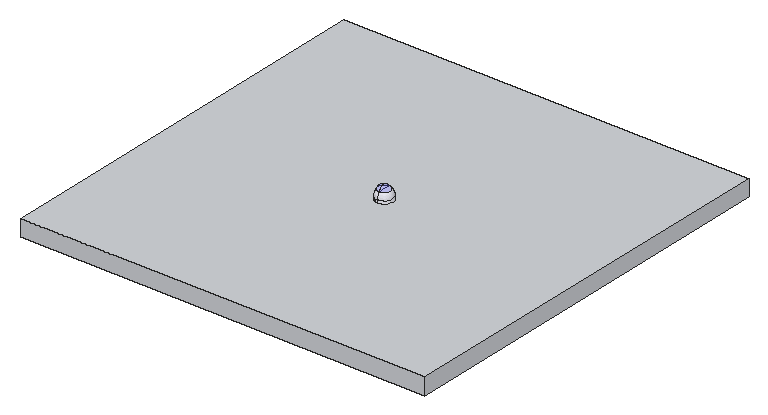
Revit family "BEG-92147", category Dispositifs d'éclairage, Revit 2015
Parameters
  Detection zone [instance] = yes
  Seat area [instance] = height position < 351 cm  # yes
  URL = "http://www.luxomat.com/fr-92147"
  Type of output = "DIM (50 ballasts max)"
  Ambiant temperature = "-25°C to +50°C"
  Ref = "92147"
  Relay = "10A"
  height position [instance] = 250 cm
  direct Range [instance] = height position * 3.2  # 800 cm
  transversal Range [instance] = height position * 9.6  # 2400 cm
  Modèle = "PD4-M-DIM-SM"
  Installation type = "Ceiling"
  Brand = "LUXOMAT"
  Image du type = 92147.jpg
  IP = "54"
  Mounting height max = Installation height max  # 350 cm
  Installation height max = 350 cm
  Fabricant = "B.E.G"
  Label [instance] = yes
  Default Elevation = 0 cm
  Consumption = "0,59W"
  Commentaires du type = "Occupancy detector PD4-M-DIM-SM"
  Code d'assemblage = "D5010200"
  Class = "2"
  Switching power LED = "300W"
  Switching power Cos ɸ =1 = "2300W"
  Switching power Cos ɸ =0.5 = "1150VA"
  Power voltage = "110-240 V AC"
  seated activity [instance] = height position * 2.56  # 640 cm
Reference planes (cm)
  plane 1 "Centre (avant/arrière)": y = 0
  plane 2: z = 0
  plane 3 "Centre (gauche/droite)": x = 0
Forms (cm)
  Extrusion 1, solid
    sketch origin (0, 0, 0) x (1, 0, 0) y (0, 1, 0)
      loop
        line (-121.92, 121.92) -> (-121.92, -121.92) -> (121.92, -121.92) -> (121.92, 121.92) -> (-121.92, 121.92)
    from 0 to -10
Dimensions and locks (cm)
  aligned and locked: plane 2 to Extrusion 1
  aligned and locked: level to Extrusion 1
  aligned and locked: nested 2 to plane 2
Nested families (cm)
  nested 1: "Famille1" at (0, -72.6659, 0) x (-1, 0, 0) z (0, 0, 1), reference <- "Ref", modele <- "Modèle", visible <- "Label", type "Famille1"
    with reference "92147", modele "PD4-M-DIM-SM"
  nested 2: "M14" at (0, 0, 0), type "Standard"
  nested 3: "zone H" at (0, 0, 0) x (-1, 0, 0) z (0, 0, 1), visible <- "Detection zone", biais <- "transversal Range", frontal <- "direct Range", activité assise <- "seated activity", Zone assise <- "Seat area", type "zone H"
    with position 2 320 cm, position 1 960 cm, frontal 800 cm, biais 2400 cm, activité assise 640 cm, Zone assise yes
  nested 4: "Plafond 360° 2D" at (0, 0, 0), type "Plafond 360° 2D"
Connectors (cm)
  electrical at (0, 0, 0)
    settings: on nested 2, index 1, voltage 240 V, apparent load 0 VA, apparent load phase1 0 VA, apparent load phase2 0 VA, apparent load phase3 0 VA, power factor 1, load classification "Eclairage", number of poles 1, system type 31, power factor state 1, is connector primary yes, connector utility no, sub classification motor no, connector description ""
Definition of nested family "M14"
  Reference planes (cm)
    plane 1 "Centre (avant/arrière)": y = 0
    plane 2: z = 0
    plane 3 "Centre (gauche/droite)": x = 0
    plane 4: x = 0
  Forms (cm)
    Revolve 1, solid
      sketch origin (0, 0, 0) x (0, -1, 0) y (0, 0, 1)
        loop
          line (0, 0) -> (0, 5) -> (-3.8, 5)
          arc (-3.8, 5) -> (-4.577, 3.2225) -> (-4.8363, 1.3) r 7
          line (-4.8363, 1.3) -> (-4.9363, 1.3) -> (-5.05, 0) -> (0, 0)
        axis (0, 0) -> (0, 5)
      angle from 0 to 360
    Revolve 2, solid
      sketch origin (0, 0, 0) x (0, -1, 0) y (0, 0, 1)
        loop
          arc (0, 7.6) -> (-2.2816, 6.8864) -> (-3.75, 5) r 4.0043
          line (-3.75, 5) -> (0, 5) -> (0, 7.6)
        axis (0, 5) -> (0, 7.6)
      angle from 0 to 360
  Lines and regions (cm)
    reference lines
      curve 1: line (0, 0, 0) -> (0, 0, 7.6)
      curve 2: line (0, 0, 5) -> (0, 3.8, 5)
      curve 3: arc (0, 3.8, 5) -> (0, 4.577, 3.2225) -> (0, 4.8363, 1.3) r 7
      curve 4: line (0, 4.9363, 1.3) -> (0, 4.8363, 1.3)
      curve 5: line (0, 5.05, 0) -> (0, 4.9363, 1.3)
      curve 6: line (0, 0, 0) -> (0, 5.05, 0)
      curve 7: arc (0, 0, 7.6) -> (0, 2.2816, 6.8864) -> (0, 3.75, 5) r 4.0043
      curve 8: line (0, 3.75, 5) -> (0, 0, 5)
      curve 9: line (0, 0, 7.6) -> (0, 0, 5)
      curve 10: line (0, 0, 0) -> (0, 0, 7.6)
  Dimensions and locks (cm)
    aligned and locked: level to plane 2
    aligned and locked: Revolve 1 sketch curve to curve 1  (x2)
    aligned and locked: Revolve 1 sketch curve to curve 2
    aligned and locked: Revolve 1 sketch curve to curve 3
    aligned and locked: Revolve 1 sketch curve to curve 4
    aligned and locked: Revolve 1 sketch curve to curve 5
    aligned and locked: Revolve 1 sketch curve to curve 6
    aligned and locked: Revolve 2 sketch curve to curve 7
    aligned and locked: Revolve 2 sketch curve to curve 8
    aligned and locked: Revolve 2 sketch curve to curve 9
    aligned and locked: Revolve 2 sketch curve to curve 10
Definition of nested family "Famille1"
  Parameters (values of type "Famille1")
    reference [instance] = ""
    modele [instance] = ""
  Reference planes (cm)
    plane 1: y = 0
    plane 2: x = 0
  Text (cm)
    label "reference\n\nmodele" at (0.0074, 0.0451, 0), shows "reference", "modele"
Definition of nested family "zone H"
  Parameters (values of type "zone H")
    position 2 [instance] = (frontal / 2) * 0.8  # 320 cm
    position 1 [instance] = (biais / 2) * 0.8  # 960 cm
    frontal [instance] = 800 cm
    biais [instance] = 2400 cm
    activité assise [instance] = 640 cm
    Zone assise [instance] = yes
  Reference planes (cm)
    plane 1 "Centre (avant/arrière)": y = 0
    plane 2: z = 0
    plane 3 "Centre (gauche/droite)": x = 0
    plane 4: x = -960
    plane 5: y = -320
  Lines and regions (cm)
    detail lines, in view "Niveau de réf.", visible <- "Zone assise"
      curve 1: circle (0, 0, 0) r 320 normal (0, 0, 1)
      curve 4: spline (-105.2767, 3.2118, 0) -> (-104.9106, 3.0586, 0) -> (-103.8375, 2.9158, 0) -> (-102.1303, 2.7932, 0) -> (-99.9055, 2.6991, 0) -> (-97.3146, 2.6399, 0) -> (-94.5343, 2.6198, 0) -> (-91.7539, 2.6399, 0) -> (-89.163, 2.6991, 0) -> (-86.9382, 2.7932, 0) -> (-85.231, 2.9158, 0) -> (-84.1579, 3.0586, 0) -> (-83.7918, 3.2118, 0) -> (-84.1579, 3.365, 0) -> (-85.231, 3.5078, 0) -> (-86.9382, 3.6305, 0) -> (-89.163, 3.7245, 0) -> (-91.7539, 3.7837, 0) -> (-94.5343, 3.8039, 0) -> (-97.3146, 3.7837, 0) -> (-99.9055, 3.7245, 0) -> (-102.1303, 3.6305, 0) -> (-103.8375, 3.5078, 0) -> (-104.9106, 3.365, 0) -> (-105.2767, 3.2118, 0)
      curve 5: line (-105.2767, 3.2118, 0) -> (-103.7271, 3.5181, 0)
      curve 6: arc (-102.6495, -16.5888, 0) -> (-107.2915, -17.186, 0) -> (-111.6311, -18.9388, 0) r 18.3388
      curve 7: arc (-111.6311, -18.9388, 0) -> (-111.6982, -19.0046, 0) -> (-111.7229, -19.0953, 0) r 0.1799
      curve 8: arc (-102.4571, -17.1805, 0) -> (-106.7473, -17.5804, 0) -> (-110.8538, -18.8852, 0) r 20.1051
      curve 9: arc (-110.8538, -18.8852, 0) -> (-111.0396, -18.979, 0) -> (-111.2122, -19.0953, 0) r 1.6679
      curve 10: circle (-111.4676, -19.8292, 0) r 0.5096 normal (0, 0, 1)
      curve 11: arc (-110.898, -19.8292, 0) -> (-111.4676, -19.2597, 0) -> (-112.0372, -19.8292, 0) r 0.5696
      curve 12: arc (-110.838, -19.8292, 0) -> (-111.4676, -19.1997, 0) -> (-112.0972, -19.8292, 0) r 0.6296
      curve 13: arc (-86.4191, -16.5888, 0) -> (-81.7771, -17.186, 0) -> (-77.4374, -18.9388, 0) r 18.3388
      curve 14: arc (-77.4374, -18.9388, 0) -> (-77.3704, -19.0046, 0) -> (-77.3456, -19.0953, 0) r 0.1799
      curve 15: arc (-86.6114, -17.1805, 0) -> (-82.3212, -17.5804, 0) -> (-78.2147, -18.8852, 0) r 20.1051
      curve 16: arc (-78.2147, -18.8852, 0) -> (-78.0289, -18.979, 0) -> (-77.8563, -19.0953, 0) r 1.6679
      curve 17: circle (-77.6009, -19.8292, 0) r 0.5096 normal (0, 0, 1)
      curve 18: arc (-77.0314, -19.8292, 0) -> (-77.6009, -19.2597, 0) -> (-78.1705, -19.8292, 0) r 0.5696
      curve 19: arc (-76.9714, -19.8292, 0) -> (-77.6009, -19.1997, 0) -> (-78.2305, -19.8292, 0) r 0.6296
      curve 20: arc (-95.2593, -16.5888, 0) -> (-98.9871, -17.441, 0) -> (-102.5056, -18.9388, 0) r 21.5424
      curve 21: arc (-102.5056, -18.9388, 0) -> (-102.5726, -19.0046, 0) -> (-102.5974, -19.0953, 0) r 0.1799
      curve 22: arc (-95.2593, -17.1805, 0) -> (-98.5536, -17.8061, 0) -> (-101.7283, -18.8852, 0) r 23.9713
      curve 23: arc (-101.7283, -18.8852, 0) -> (-101.911, -18.9772, 0) -> (-102.081, -19.0909, 0) r 1.6679
      curve 24: arc (-95.0229, -17.1805, 0) -> (-98.2689, -17.8294, 0) -> (-101.4063, -18.8852, 0) r 26.0219
      curve 25: arc (-101.4063, -18.8852, 0) -> (-101.592, -18.979, 0) -> (-101.7647, -19.0953, 0) r 1.6679
      curve 26: circle (-102.181, -19.8292, 0) r 0.5096 normal (0, 0, 1)
      curve 27: arc (-101.6114, -19.8292, 0) -> (-102.181, -19.2597, 0) -> (-102.7506, -19.8292, 0) r 0.5696
      curve 28: arc (-101.5514, -19.8292, 0) -> (-102.181, -19.1997, 0) -> (-102.8106, -19.8292, 0) r 0.6296
      curve 29: arc (-93.8092, -16.5888, 0) -> (-90.0814, -17.441, 0) -> (-86.5629, -18.9388, 0) r 21.5424
      curve 30: arc (-86.5629, -18.9388, 0) -> (-86.4959, -19.0046, 0) -> (-86.4711, -19.0953, 0) r 0.1799
      curve 31: arc (-93.8092, -17.1805, 0) -> (-90.5149, -17.8061, 0) -> (-87.3402, -18.8852, 0) r 23.9713
      curve 32: arc (-87.3402, -18.8852, 0) -> (-87.1544, -18.979, 0) -> (-86.9818, -19.0953, 0) r 1.6679
      curve 33: arc (-94.0457, -17.1805, 0) -> (-90.7996, -17.8294, 0) -> (-87.6622, -18.8852, 0) r 26.0219
      curve 34: arc (-87.6622, -18.8852, 0) -> (-87.4765, -18.979, 0) -> (-87.3039, -19.0953, 0) r 1.6679
      curve 35: circle (-86.8875, -19.8292, 0) r 0.5096 normal (0, 0, 1)
      curve 36: arc (-86.3179, -19.8292, 0) -> (-86.8875, -19.2597, 0) -> (-87.4571, -19.8292, 0) r 0.5696
      curve 37: arc (-86.2579, -19.8292, 0) -> (-86.8875, -19.1997, 0) -> (-87.5171, -19.8292, 0) r 0.6296
      curve 38: arc (-103.0079, 8.8705, 0) -> (-101.8776, 5.8173, 0) -> (-98.8653, 4.5819, 0) r 4.0512
      curve 39: arc (-83.7186, 4.2269, 0) -> (-82.9538, 3.7817, 0) -> (-82.7946, 2.9112, 0) r 1.0582
      curve 40: arc (-82.7946, 2.9112, 0) -> (-84.0889, -6.227, 0) -> (-84.0703, -15.4564, 0) r 64.7189
      curve 41: arc (-84.0703, -15.4564, 0) -> (-83.933, -16.0031, 0) -> (-83.4527, -16.2981, 0) r 0.7467
      curve 42: arc (-83.4527, -16.2981, 0) -> (-80.3714, -16.8717, 0) -> (-77.238, -16.9405, 0) r 19.3577
      curve 43: arc (-77.238, -16.9405, 0) -> (-77.6363, -16.4391, 0) -> (-78.2461, -16.244, 0) r 1.1013
      curve 44: arc (-78.2461, -16.244, 0) -> (-80.4274, -15.8096, 0) -> (-82.5587, -15.1742, 0) r 23.8747
      curve 45: arc (-82.5587, -15.1742, 0) -> (-81.6045, -6.5488, 0) -> (-80.848, 2.0961, 0) r 379.1961
      curve 46: arc (-80.848, 2.0961, 0) -> (-81.0708, 4.8418, 0) -> (-83.0581, 6.7494, 0) r 3.8846
      curve 47: arc (-83.0581, 6.7494, 0) -> (-89.2141, 8.8147, 0) -> (-95.6542, 9.6431, 0) r 33.2193
      curve 48: arc (-95.6542, 9.6431, 0) -> (-94.8516, 17.305, 0) -> (-94.8609, 25.0089, 0) r 72.9952
      curve 49: arc (-95.1116, 28.28, 0) -> (-95.2196, 29.2958, 0) -> (-95.3418, 30.31, 0) r 72.9952
      curve 50: arc (-98.1747, 30.0752, 0) -> (-100.3426, 29.2913, 0) -> (-99.4886, 27.1501, 0) r 1.6042
      curve 51: arc (-95.3418, 30.31, 0) -> (-98.7298, 32.2574, 0) -> (-102.1179, 30.31, 0) r 3.9209
      curve 52: arc (-68.8418, 20.3177, 0) -> (-68.8537, 20.2265, 0) -> (-68.9411, 20.2549, 0) r 0.0597
      curve 53: arc (-70.9776, 20.5408, 0) -> (-70.9496, 20.3832, 0) -> (-71.1082, 20.3621, 0) r 0.1108
      curve 54: spline (-98.8908, 41.6409, 0) -> (-97.9793, 41.5103, 0) -> (-97.1229, 41.0855, 0) -> (-96.38, 40.3954, 0) -> (-95.8012, 39.4871, 0) -> (-95.426, 38.4224, 0) -> (-95.2799, 37.274, 0) -> (-95.3728, 36.12, 0) -> (-95.6985, 35.0392, 0) -> (-96.2348, 34.1051, 0) -> (-96.945, 33.3815, 0) -> (-97.7809, 32.9176, 0) -> (-98.6854, 32.7451, 0) -> (-99.5969, 32.8757, 0) -> (-100.4532, 33.3005, 0) -> (-101.1961, 33.9906, 0) -> (-101.7749, 34.8989, 0) -> (-102.1502, 35.9636, 0) -> (-102.2963, 37.112, 0) -> (-102.2033, 38.266, 0) -> (-101.8776, 39.3468, 0) -> (-101.3414, 40.2809, 0) -> (-100.6311, 41.0045, 0) -> (-99.7953, 41.4684, 0) -> (-98.8908, 41.6409, 0)
      curve 55: line (-74.1608, -20.3388, 0) -> (-33.3759, -20.3388, 0)
      curve 56: line (-33.3759, -20.3388, 0) -> (-33.3759, 18.6681, 0)
      curve 57: line (-33.3759, 18.6681, 0) -> (-74.1608, 18.6681, 0)
      curve 58: line (-74.1608, 18.6681, 0) -> (-74.1608, -20.3388, 0)
      curve 59: line (-74.1608, -20.3388, 0) -> (-120.7181, -20.3388, 0)
      curve 60: line (-80.1025, 18.6681, 0) -> (-27.4342, 18.6681, 0)
      curve 61: line (-27.4342, 18.6681, 0) -> (-27.4342, 20.1345, 0)
      curve 62: line (-27.4342, 20.1345, 0) -> (-80.1025, 20.1345, 0)
      curve 63: line (-80.1025, 20.1345, 0) -> (-80.1025, 18.6681, 0)
      curve 64: line (-95.5223, 2.6198, 0) -> (-93.5462, 2.6198, 0)
      curve 65: line (-93.5462, 2.6198, 0) -> (-93.5462, -16.5888, 0)
      curve 66: line (-93.5462, -16.5888, 0) -> (-95.5223, -16.5888, 0)
      curve 67: line (-95.5223, -16.5888, 0) -> (-95.5223, 2.6198, 0)
      curve 68: line (-95.5223, -16.5888, 0) -> (-102.6495, -16.5888, 0)
      curve 69: line (-111.7229, -19.0953, 0) -> (-111.2122, -19.0953, 0)
      curve 70: line (-93.8092, -16.5888, 0) -> (-94.0457, -17.1805, 0)
      curve 71: line (-94.0457, -17.1805, 0) -> (-93.8092, -17.1805, 0)
      curve 72: line (-93.8092, -17.1805, 0) -> (-94.5343, -17.1805, 0)
      curve 73: line (-94.5343, -17.1805, 0) -> (-95.2593, -17.1805, 0)
      curve 74: line (-95.2593, -17.1805, 0) -> (-95.0229, -17.1805, 0)
      curve 75: line (-95.0229, -17.1805, 0) -> (-95.2593, -16.5888, 0)
      curve 76: line (-98.1226, -17.1805, 0) -> (-102.4571, -17.1805, 0)
      curve 77: line (-112.0372, -19.8292, 0) -> (-112.0972, -19.8292, 0)
      curve 78: line (-110.898, -19.8292, 0) -> (-110.838, -19.8292, 0)
      curve 79: line (-111.3676, -19.2076, 0) -> (-111.3676, -19.0953, 0)
      curve 80: line (-111.5676, -19.2076, 0) -> (-111.5676, -19.0953, 0)
      curve 81: line (-93.5462, -16.5888, 0) -> (-86.4191, -16.5888, 0)
      curve 82: line (-77.3456, -19.0953, 0) -> (-77.8563, -19.0953, 0)
      curve 83: line (-90.9459, -17.1805, 0) -> (-86.6114, -17.1805, 0)
      curve 84: line (-77.0314, -19.8292, 0) -> (-76.9714, -19.8292, 0)
      curve 85: line (-78.1705, -19.8292, 0) -> (-78.2305, -19.8292, 0)
      curve 86: line (-77.7009, -19.2076, 0) -> (-77.7009, -19.0953, 0)
      curve 87: line (-77.5009, -19.2076, 0) -> (-77.5009, -19.0953, 0)
      curve 88: line (-102.5974, -19.0953, 0) -> (-101.7647, -19.0953, 0)
      curve 89: line (-102.7506, -19.8292, 0) -> (-102.8106, -19.8292, 0)
      curve 90: line (-101.6114, -19.8292, 0) -> (-101.5514, -19.8292, 0)
      curve 91: line (-102.081, -19.2076, 0) -> (-102.081, -19.0909, 0)
      curve 92: line (-102.281, -19.2076, 0) -> (-102.281, -19.0953, 0)
      curve 93: line (-86.4711, -19.0953, 0) -> (-87.3039, -19.0953, 0)
      curve 94: line (-86.3179, -19.8292, 0) -> (-86.2579, -19.8292, 0)
      curve 95: line (-87.4571, -19.8292, 0) -> (-87.5171, -19.8292, 0)
      curve 96: line (-86.9875, -19.2076, 0) -> (-86.9875, -19.0953, 0)
      curve 97: line (-86.7875, -19.2076, 0) -> (-86.7875, -19.0953, 0)
      curve 98: line (-98.8653, 4.5819, 0) -> (-83.7186, 4.2269, 0)
      curve 99: line (-103.0079, 8.8705, 0) -> (-102.1179, 30.31, 0)
      curve 100: line (-98.1747, 30.0752, 0) -> (-85.3255, 22.5448, 0)
      curve 101: line (-85.3255, 22.5448, 0) -> (-74.2929, 21.667, 0)
      curve 102: line (-74.2929, 21.667, 0) -> (-71.6033, 21.7219, 0)
      curve 103: line (-71.6033, 21.7219, 0) -> (-69.7371, 21.2829, 0)
      curve 104: line (-69.7371, 21.2829, 0) -> (-68.8418, 20.3177, 0)
      curve 105: line (-68.9411, 20.2549, 0) -> (-69.7808, 21.0896, 0)
      curve 106: line (-69.7808, 21.0896, 0) -> (-71.6115, 21.2989, 0)
      curve 107: line (-71.6115, 21.2989, 0) -> (-72.0159, 21.0248, 0)
      curve 108: line (-72.0159, 21.0248, 0) -> (-70.9776, 20.5408, 0)
      curve 109: line (-71.1082, 20.3621, 0) -> (-72.6656, 20.8949, 0)
      curve 110: line (-72.6656, 20.8949, 0) -> (-74.496, 20.6558, 0)
      curve 111: line (-74.496, 20.6558, 0) -> (-86.0144, 20.9158, 0)
      curve 112: line (-86.0144, 20.9158, 0) -> (-99.4886, 27.1501, 0)
      curve 113: line (-99.8644, 32.9741, 0) -> (-99.9944, 32.0479, 0)
      curve 114: line (-97.5142, 33.0301, 0) -> (-97.3718, 32.0147, 0)
      curve 115: line (-33.3759, -20.3388, 0) -> (-21.8014, -20.3388, 0)
    detail lines, in view "Niveau de réf."
      curve 2: circle (0, 0, 0) r 400 normal (0, 0, 1)
      curve 3: circle (0, 0, 0) r 1200 normal (0, 0, 1)
      curve 116: spline (2.3068, -347.7265, 0) -> (4.0856, -347.3949, 0) -> (5.7432, -346.4226, 0) -> (7.1667, -344.876, 0) -> (8.2589, -342.8603, 0) -> (8.9455, -340.5131, 0) -> (9.1797, -337.9942, 0) -> (8.9455, -335.4753, 0) -> (8.2589, -333.1281, 0) -> (7.1667, -331.1125, 0) -> (5.7432, -329.5658, 0) -> (4.0856, -328.5936, 0) -> (2.3068, -328.262, 0) -> (0.5279, -328.5936, 0) -> (-1.1297, -329.5658, 0) -> (-2.5531, -331.1125, 0) -> (-3.6453, -333.1281, 0) -> (-4.3319, -335.4753, 0) -> (-4.5661, -337.9942, 0) -> (-4.3319, -340.5131, 0) -> (-3.6453, -342.8603, 0) -> (-2.5531, -344.876, 0) -> (-1.1297, -346.4226, 0) -> (0.5279, -347.3949, 0) -> (2.3068, -347.7265, 0)
      curve 117: line (-4.7649, -335.0929, 0) -> (0.5136, -347.9212, 0)
      curve 118: line (3.5648, -348.0775, 0) -> (9.2455, -334.5266, 0)
      curve 119: line (-0.3759, -328.4588, 0) -> (-3.0011, -330.8806, 0)
      curve 120: line (3.5053, -348.5045, 0) -> (6.62, -348.3756, 0)
      curve 121: line (1.7304, -348.3525, 0) -> (3.5053, -348.5045, 0)
      curve 122: line (-4.7649, -335.0929, 0) -> (0.5136, -347.9212, 0)
      curve 123: line (-21.1936, -335.3894, 0) -> (-24.4202, -337.3623, 0)
      curve 124: line (-21.1936, -335.3894, 0) -> (-24.4202, -337.3623, 0)
      curve 125: line (-0.3759, -328.4588, 0) -> (-3.0011, -330.8806, 0)
      curve 126: line (1.7304, -348.3525, 0) -> (6.62, -348.3756, 0)
      curve 127: line (3.5648, -348.0775, 0) -> (9.2455, -334.5266, 0)
      curve 128: line (0, -320, 0) -> (0, -289.0788, 0)
      curve 129: line (0, -289.0788, 0) -> (0, -280.7814, 0)
      curve 130: spline (-957.6932, -27.7265, 0) -> (-955.9144, -27.3949, 0) -> (-954.2568, -26.4226, 0) -> (-952.8333, -24.876, 0) -> (-951.7411, -22.8603, 0) -> (-951.0545, -20.5131, 0) -> (-950.8203, -17.9942, 0) -> (-951.0545, -15.4753, 0) -> (-951.7411, -13.1281, 0) -> (-952.8333, -11.1125, 0) -> (-954.2568, -9.5658, 0) -> (-955.9144, -8.5936, 0) -> (-957.6932, -8.262, 0) -> (-959.4721, -8.5936, 0) -> (-961.1297, -9.5658, 0) -> (-962.5531, -11.1125, 0) -> (-963.6453, -13.1281, 0) -> (-964.3319, -15.4753, 0) -> (-964.5661, -17.9942, 0) -> (-964.3319, -20.5131, 0) -> (-963.6453, -22.8603, 0) -> (-962.5531, -24.876, 0) -> (-961.1297, -26.4226, 0) -> (-959.4721, -27.3949, 0) -> (-957.6932, -27.7265, 0)
      curve 131: line (-964.7649, -15.0929, 0) -> (-959.4864, -27.9212, 0)
      curve 132: line (-956.4352, -28.0775, 0) -> (-950.7545, -14.5266, 0)
      curve 133: line (-960.3759, -8.4588, 0) -> (-963.0011, -10.8806, 0)
      curve 134: line (-956.4947, -28.5045, 0) -> (-953.38, -28.3756, 0)
      curve 135: line (-958.2696, -28.3525, 0) -> (-956.4947, -28.5045, 0)
      curve 136: line (-964.7649, -15.0929, 0) -> (-959.4864, -27.9212, 0)
      curve 137: line (-981.1936, -15.3894, 0) -> (-984.4202, -17.3623, 0)
      curve 138: line (-981.1936, -15.3894, 0) -> (-984.4202, -17.3623, 0)
      curve 139: line (-960.3759, -8.4588, 0) -> (-963.0011, -10.8806, 0)
      curve 140: line (-958.2696, -28.3525, 0) -> (-953.38, -28.3756, 0)
      curve 141: line (-956.4352, -28.0775, 0) -> (-950.7545, -14.5266, 0)
      curve 142: line (-960, 0, 0) -> (-960, 30.9212, 0)
      curve 143: line (-960, 30.9212, 0) -> (-960, 39.2186, 0)
    detail lines, in view "Niveau de réf.", visible <- "Zone assise", not visible
      curve 144: spline (925.976, -22.5654, 0) -> (926.342, -22.7186, 0) -> (927.4152, -22.8614, 0) -> (929.1224, -22.984, 0) -> (931.3472, -23.0781, 0) -> (933.938, -23.1373, 0) -> (936.7184, -23.1574, 0) -> (939.4987, -23.1373, 0) -> (942.0896, -23.0781, 0) -> (944.3144, -22.984, 0) -> (946.0216, -22.8614, 0) -> (947.0948, -22.7186, 0) -> (947.4608, -22.5654, 0) -> (947.0948, -22.4122, 0) -> (946.0216, -22.2694, 0) -> (944.3144, -22.1467, 0) -> (942.0896, -22.0527, 0) -> (939.4987, -21.9935, 0) -> (936.7184, -21.9733, 0) -> (933.938, -21.9935, 0) -> (931.3472, -22.0527, 0) -> (929.1224, -22.1467, 0) -> (927.4152, -22.2694, 0) -> (926.342, -22.4122, 0) -> (925.976, -22.5654, 0)
      curve 145: line (925.976, -22.5654, 0) -> (927.5256, -22.2591, 0)
      curve 146: arc (928.6032, -42.366, 0) -> (923.9612, -42.9632, 0) -> (919.6215, -44.716, 0) r 18.3388
      curve 147: arc (919.6215, -44.716, 0) -> (919.5545, -44.7818, 0) -> (919.5297, -44.8725, 0) r 0.1799
      curve 148: arc (928.7956, -42.9577, 0) -> (924.5053, -43.3576, 0) -> (920.3988, -44.6624, 0) r 20.1051
      curve 149: arc (920.3988, -44.6624, 0) -> (920.213, -44.7562, 0) -> (920.0404, -44.8725, 0) r 1.6679
      curve 150: circle (919.7851, -45.6065, 0) r 0.5096 normal (0, 0, 1)
      curve 151: arc (920.3547, -45.6065, 0) -> (919.7851, -45.0369, 0) -> (919.2155, -45.6065, 0) r 0.5696
      curve 152: arc (920.4147, -45.6065, 0) -> (919.7851, -44.9769, 0) -> (919.1555, -45.6065, 0) r 0.6296
      curve 153: arc (944.8336, -42.366, 0) -> (949.4756, -42.9632, 0) -> (953.8152, -44.716, 0) r 18.3388
      curve 154: arc (953.8152, -44.716, 0) -> (953.8823, -44.7818, 0) -> (953.907, -44.8725, 0) r 0.1799
      curve 155: arc (944.6412, -42.9577, 0) -> (948.9315, -43.3576, 0) -> (953.038, -44.6624, 0) r 20.1051
      curve 156: arc (953.038, -44.6624, 0) -> (953.2237, -44.7562, 0) -> (953.3964, -44.8725, 0) r 1.6679
      curve 157: circle (953.6517, -45.6065, 0) r 0.5096 normal (0, 0, 1)
      curve 158: arc (954.2213, -45.6065, 0) -> (953.6517, -45.0369, 0) -> (953.0821, -45.6065, 0) r 0.5696
      curve 159: arc (954.2813, -45.6065, 0) -> (953.6517, -44.9769, 0) -> (953.0221, -45.6065, 0) r 0.6296
      curve 160: arc (935.9933, -42.366, 0) -> (932.2655, -43.2182, 0) -> (928.7471, -44.716, 0) r 21.5424
      curve 161: arc (928.7471, -44.716, 0) -> (928.68, -44.7818, 0) -> (928.6553, -44.8725, 0) r 0.1799
      curve 162: arc (935.9933, -42.9577, 0) -> (932.6991, -43.5833, 0) -> (929.5243, -44.6624, 0) r 23.9713
      curve 163: arc (929.5243, -44.6624, 0) -> (929.3417, -44.7544, 0) -> (929.1716, -44.8681, 0) r 1.6679
      curve 164: arc (936.2298, -42.9577, 0) -> (932.9838, -43.6066, 0) -> (929.8464, -44.6624, 0) r 26.0219
      curve 165: arc (929.8464, -44.6624, 0) -> (929.6606, -44.7562, 0) -> (929.488, -44.8725, 0) r 1.6679
      curve 166: circle (929.0716, -45.6065, 0) r 0.5096 normal (0, 0, 1)
      curve 167: arc (929.6412, -45.6065, 0) -> (929.0716, -45.0369, 0) -> (928.502, -45.6065, 0) r 0.5696
      curve 168: arc (929.7012, -45.6065, 0) -> (929.0716, -44.9769, 0) -> (928.442, -45.6065, 0) r 0.6296
      curve 169: arc (937.4435, -42.366, 0) -> (941.1713, -43.2182, 0) -> (944.6897, -44.716, 0) r 21.5424
      curve 170: arc (944.6897, -44.716, 0) -> (944.7568, -44.7818, 0) -> (944.7815, -44.8725, 0) r 0.1799
      curve 171: arc (937.4435, -42.9577, 0) -> (940.7377, -43.5833, 0) -> (943.9124, -44.6624, 0) r 23.9713
      curve 172: arc (943.9124, -44.6624, 0) -> (944.0982, -44.7562, 0) -> (944.2708, -44.8725, 0) r 1.6679
      curve 173: arc (937.207, -42.9577, 0) -> (940.453, -43.6066, 0) -> (943.5904, -44.6624, 0) r 26.0219
      curve 174: arc (943.5904, -44.6624, 0) -> (943.7762, -44.7562, 0) -> (943.9488, -44.8725, 0) r 1.6679
      curve 175: circle (944.3651, -45.6065, 0) r 0.5096 normal (0, 0, 1)
      curve 176: arc (944.9347, -45.6065, 0) -> (944.3651, -45.0369, 0) -> (943.7956, -45.6065, 0) r 0.5696
      curve 177: arc (944.9947, -45.6065, 0) -> (944.3651, -44.9769, 0) -> (943.7356, -45.6065, 0) r 0.6296
      curve 178: arc (928.2447, -16.9067, 0) -> (929.3751, -19.9599, 0) -> (932.3873, -21.1953, 0) r 4.0512
      curve 179: arc (947.5341, -21.5503, 0) -> (948.2989, -21.9955, 0) -> (948.4581, -22.866, 0) r 1.0582
      curve 180: arc (948.4581, -22.866, 0) -> (947.1637, -32.0042, 0) -> (947.1824, -41.2336, 0) r 64.7189
      curve 181: arc (947.1824, -41.2336, 0) -> (947.3196, -41.7803, 0) -> (947.8, -42.0753, 0) r 0.7467
      curve 182: arc (947.8, -42.0753, 0) -> (950.8812, -42.6489, 0) -> (954.0146, -42.7177, 0) r 19.3577
      curve 183: arc (954.0146, -42.7177, 0) -> (953.6164, -42.2163, 0) -> (953.0065, -42.0212, 0) r 1.1013
      curve 184: arc (953.0065, -42.0212, 0) -> (950.8253, -41.5868, 0) -> (948.6939, -40.9514, 0) r 23.8747
      curve 185: arc (948.6939, -40.9514, 0) -> (949.6481, -32.326, 0) -> (950.4047, -23.6811, 0) r 379.1961
      curve 186: arc (950.4047, -23.6811, 0) -> (950.1819, -20.9354, 0) -> (948.1945, -19.0278, 0) r 3.8846
      curve 187: arc (948.1945, -19.0278, 0) -> (942.0386, -16.9625, 0) -> (935.5985, -16.1341, 0) r 33.2193
      curve 188: arc (935.5985, -16.1341, 0) -> (936.4011, -8.4722, 0) -> (936.3918, -0.7683, 0) r 72.9952
      curve 189: arc (936.1411, 2.5028, 0) -> (936.0331, 3.5186, 0) -> (935.9108, 4.5328, 0) r 72.9952
      curve 190: arc (933.0779, 4.298, 0) -> (930.9101, 3.5141, 0) -> (931.7641, 1.3729, 0) r 1.6042
      curve 191: arc (935.9108, 4.5328, 0) -> (932.5228, 6.4802, 0) -> (929.1348, 4.5328, 0) r 3.9209
      curve 192: arc (962.4108, -5.4595, 0) -> (962.3989, -5.5507, 0) -> (962.3115, -5.5223, 0) r 0.0597
      curve 193: arc (960.275, -5.2364, 0) -> (960.303, -5.394, 0) -> (960.1444, -5.4151, 0) r 0.1108
      curve 194: spline (932.3619, 15.8637, 0) -> (933.2734, 15.7331, 0) -> (934.1297, 15.3083, 0) -> (934.8726, 14.6182, 0) -> (935.4514, 13.7099, 0) -> (935.8267, 12.6452, 0) -> (935.9728, 11.4968, 0) -> (935.8798, 10.3428, 0) -> (935.5541, 9.262, 0) -> (935.0179, 8.3279, 0) -> (934.3076, 7.6043, 0) -> (933.4718, 7.1404, 0) -> (932.5673, 6.9679, 0) -> (931.6558, 7.0985, 0) -> (930.7994, 7.5233, 0) -> (930.0565, 8.2134, 0) -> (929.4777, 9.1217, 0) -> (929.1025, 10.1864, 0) -> (928.9564, 11.3348, 0) -> (929.0493, 12.4888, 0) -> (929.375, 13.5696, 0) -> (929.9113, 14.5037, 0) -> (930.6215, 15.2273, 0) -> (931.4574, 15.6912, 0) -> (932.3619, 15.8637, 0)
      curve 195: line (957.0918, -46.116, 0) -> (997.8768, -46.116, 0)
      curve 196: line (997.8768, -46.116, 0) -> (997.8768, -7.1091, 0)
      curve 197: line (997.8768, -7.1091, 0) -> (957.0918, -7.1091, 0)
      curve 198: line (957.0918, -7.1091, 0) -> (957.0918, -46.116, 0)
      curve 199: line (957.0918, -46.116, 0) -> (910.5345, -46.116, 0)
      curve 200: line (951.1501, -7.1091, 0) -> (1003.8185, -7.1091, 0)
      curve 201: line (1003.8185, -7.1091, 0) -> (1003.8185, -5.6427, 0)
      curve 202: line (1003.8185, -5.6427, 0) -> (951.1501, -5.6427, 0)
      curve 203: line (951.1501, -5.6427, 0) -> (951.1501, -7.1091, 0)
      curve 204: line (935.7304, -23.1574, 0) -> (937.7064, -23.1574, 0)
      curve 205: line (937.7064, -23.1574, 0) -> (937.7064, -42.366, 0)
      curve 206: line (937.7064, -42.366, 0) -> (935.7304, -42.366, 0)
      curve 207: line (935.7304, -42.366, 0) -> (935.7304, -23.1574, 0)
      curve 208: line (935.7304, -42.366, 0) -> (928.6032, -42.366, 0)
      curve 209: line (919.5297, -44.8725, 0) -> (920.0404, -44.8725, 0)
      curve 210: line (937.4435, -42.366, 0) -> (937.207, -42.9577, 0)
      curve 211: line (937.207, -42.9577, 0) -> (937.4435, -42.9577, 0)
      curve 212: line (937.4435, -42.9577, 0) -> (936.7184, -42.9577, 0)
      curve 213: line (936.7184, -42.9577, 0) -> (935.9933, -42.9577, 0)
      curve 214: line (935.9933, -42.9577, 0) -> (936.2298, -42.9577, 0)
      curve 215: line (936.2298, -42.9577, 0) -> (935.9933, -42.366, 0)
      curve 216: line (933.13, -42.9577, 0) -> (928.7956, -42.9577, 0)
      curve 217: line (919.2155, -45.6065, 0) -> (919.1555, -45.6065, 0)
      curve 218: line (920.3547, -45.6065, 0) -> (920.4147, -45.6065, 0)
      curve 219: line (919.8851, -44.9848, 0) -> (919.8851, -44.8725, 0)
      curve 220: line (919.6851, -44.9848, 0) -> (919.6851, -44.8725, 0)
      curve 221: line (937.7064, -42.366, 0) -> (944.8336, -42.366, 0)
      curve 222: line (953.907, -44.8725, 0) -> (953.3964, -44.8725, 0)
      curve 223: line (940.3068, -42.9577, 0) -> (944.6412, -42.9577, 0)
      curve 224: line (954.2213, -45.6065, 0) -> (954.2813, -45.6065, 0)
      curve 225: line (953.0821, -45.6065, 0) -> (953.0221, -45.6065, 0)
      curve 226: line (953.5517, -44.9848, 0) -> (953.5517, -44.8725, 0)
      curve 227: line (953.7517, -44.9848, 0) -> (953.7517, -44.8725, 0)
      curve 228: line (928.6553, -44.8725, 0) -> (929.488, -44.8725, 0)
      curve 229: line (928.502, -45.6065, 0) -> (928.442, -45.6065, 0)
      curve 230: line (929.6412, -45.6065, 0) -> (929.7012, -45.6065, 0)
      curve 231: line (929.1716, -44.9848, 0) -> (929.1716, -44.8681, 0)
      curve 232: line (928.9716, -44.9848, 0) -> (928.9716, -44.8725, 0)
      curve 233: line (944.7815, -44.8725, 0) -> (943.9488, -44.8725, 0)
      curve 234: line (944.9347, -45.6065, 0) -> (944.9947, -45.6065, 0)
      curve 235: line (943.7956, -45.6065, 0) -> (943.7356, -45.6065, 0)
      curve 236: line (944.2651, -44.9848, 0) -> (944.2651, -44.8725, 0)
      curve 237: line (944.4651, -44.9848, 0) -> (944.4651, -44.8725, 0)
      curve 238: line (932.3873, -21.1953, 0) -> (947.5341, -21.5503, 0)
      curve 239: line (928.2447, -16.9067, 0) -> (929.1348, 4.5328, 0)
      curve 240: line (933.0779, 4.298, 0) -> (945.9271, -3.2324, 0)
      curve 241: line (945.9271, -3.2324, 0) -> (956.9598, -4.1102, 0)
      curve 242: line (956.9598, -4.1102, 0) -> (959.6493, -4.0553, 0)
      curve 243: line (959.6493, -4.0553, 0) -> (961.5155, -4.4943, 0)
      curve 244: line (961.5155, -4.4943, 0) -> (962.4108, -5.4595, 0)
      curve 245: line (962.3115, -5.5223, 0) -> (961.4719, -4.6876, 0)
      curve 246: line (961.4719, -4.6876, 0) -> (959.6412, -4.4783, 0)
      curve 247: line (959.6412, -4.4783, 0) -> (959.2367, -4.7524, 0)
      curve 248: line (959.2367, -4.7524, 0) -> (960.275, -5.2364, 0)
      curve 249: line (960.1444, -5.4151, 0) -> (958.5871, -4.8823, 0)
      curve 250: line (958.5871, -4.8823, 0) -> (956.7566, -5.1214, 0)
      curve 251: line (956.7566, -5.1214, 0) -> (945.2383, -4.8614, 0)
      curve 252: line (945.2383, -4.8614, 0) -> (931.7641, 1.3729, 0)
      curve 253: line (931.3882, 7.1969, 0) -> (931.2583, 6.2707, 0)
      curve 254: line (933.7384, 7.2529, 0) -> (933.8809, 6.2375, 0)
      curve 255: line (997.8768, -46.116, 0) -> (1009.4512, -46.116, 0)
    detail lines, in view "Niveau de réf.", not visible
      curve 256: spline (630.3724, -48.277, 0) -> (632.1512, -47.9453, 0) -> (633.8088, -46.9731, 0) -> (635.2323, -45.4264, 0) -> (636.3245, -43.4108, 0) -> (637.0111, -41.0636, 0) -> (637.2453, -38.5447, 0) -> (637.0111, -36.0258, 0) -> (636.3245, -33.6786, 0) -> (635.2323, -31.663, 0) -> (633.8088, -30.1163, 0) -> (632.1512, -29.1441, 0) -> (630.3724, -28.8124, 0) -> (628.5935, -29.1441, 0) -> (626.9359, -30.1163, 0) -> (625.5125, -31.663, 0) -> (624.4202, -33.6786, 0) -> (623.7336, -36.0258, 0) -> (623.4995, -38.5447, 0) -> (623.7336, -41.0636, 0) -> (624.4202, -43.4108, 0) -> (625.5125, -45.4264, 0) -> (626.9359, -46.9731, 0) -> (628.5935, -47.9453, 0) -> (630.3724, -48.277, 0)
      curve 257: line (623.3007, -35.6434, 0) -> (628.5792, -48.4717, 0)
      curve 258: line (631.6303, -48.628, 0) -> (637.311, -35.0771, 0)
      curve 259: line (627.6897, -29.0093, 0) -> (625.0645, -31.4311, 0)
      curve 260: line (631.5709, -49.055, 0) -> (634.6856, -48.9261, 0)
      curve 261: line (629.7959, -48.903, 0) -> (631.5709, -49.055, 0)
      curve 262: line (623.3007, -35.6434, 0) -> (628.5792, -48.4717, 0)
      curve 263: line (606.872, -35.9399, 0) -> (603.6454, -37.9127, 0)
      curve 264: line (606.872, -35.9399, 0) -> (603.6454, -37.9127, 0)
      curve 265: line (627.6897, -29.0093, 0) -> (625.0645, -31.4311, 0)
      curve 266: line (629.7959, -48.903, 0) -> (634.6856, -48.9261, 0)
      curve 267: line (631.6303, -48.628, 0) -> (637.311, -35.0771, 0)
      curve 268: line (628.0656, -20.5505, 0) -> (628.0656, 10.3707, 0)
      curve 269: line (628.0656, 10.3707, 0) -> (628.0656, 18.6681, 0)
      curve 270: spline (1030.3724, -260.777, 0) -> (1032.1512, -260.4453, 0) -> (1033.8088, -259.4731, 0) -> (1035.2323, -257.9264, 0) -> (1036.3245, -255.9108, 0) -> (1037.0111, -253.5636, 0) -> (1037.2453, -251.0447, 0) -> (1037.0111, -248.5258, 0) -> (1036.3245, -246.1786, 0) -> (1035.2323, -244.163, 0) -> (1033.8088, -242.6163, 0) -> (1032.1512, -241.6441, 0) -> (1030.3724, -241.3124, 0) -> (1028.5935, -241.6441, 0) -> (1026.9359, -242.6163, 0) -> (1025.5125, -244.163, 0) -> (1024.4202, -246.1786, 0) -> (1023.7336, -248.5258, 0) -> (1023.4995, -251.0447, 0) -> (1023.7336, -253.5636, 0) -> (1024.4202, -255.9108, 0) -> (1025.5125, -257.9264, 0) -> (1026.9359, -259.4731, 0) -> (1028.5935, -260.4453, 0) -> (1030.3724, -260.777, 0)
      curve 271: line (1023.3007, -248.1434, 0) -> (1028.5792, -260.9717, 0)
      curve 272: line (1031.6303, -261.128, 0) -> (1037.311, -247.5771, 0)
      curve 273: line (1027.6897, -241.5093, 0) -> (1025.0645, -243.9311, 0)
      curve 274: line (1031.5709, -261.555, 0) -> (1034.6856, -261.4261, 0)
      curve 275: line (1029.7959, -261.403, 0) -> (1031.5709, -261.555, 0)
      curve 276: line (1023.3007, -248.1434, 0) -> (1028.5792, -260.9717, 0)
      curve 277: line (1006.872, -248.4399, 0) -> (1003.6454, -250.4127, 0)
      curve 278: line (1006.872, -248.4399, 0) -> (1003.6454, -250.4127, 0)
      curve 279: line (1027.6897, -241.5093, 0) -> (1025.0645, -243.9311, 0)
      curve 280: line (1029.7959, -261.403, 0) -> (1034.6856, -261.4261, 0)
      curve 281: line (1031.6303, -261.128, 0) -> (1037.311, -247.5771, 0)
      curve 282: line (1028.0656, -233.0505, 0) -> (1028.0656, -202.1293, 0)
      curve 283: line (1028.0656, -202.1293, 0) -> (1028.0656, -193.8319, 0)
  Text (cm)
    text "2" at (0.4332, -361.3743, 0), in view "Niveau de réf."
    text "1" at (-959.5668, -41.3743, 0), in view "Niveau de réf."
    text "1" at (628.4988, -61.9248, 0), in view "Niveau de réf.", not visible
    text "2" at (1028.4988, -274.4248, 0), in view "Niveau de réf.", not visible
  Dimensions and locks (cm)
    "position 1": plane 4 to plane 3 "Centre (gauche/droite)"
    "position 2": plane 5 to plane 1 "Centre (avant/arrière)"
    "activité assise": diameter of curve 1
    "biais": diameter of curve 3
    "frontal": diameter of curve 2
    aligned and locked: curve 142 to plane 1 "Centre (avant/arrière)"
    aligned and locked: curve 128 to plane 3 "Centre (gauche/droite)"
    aligned and locked: plane 4 to curve 142
    aligned and locked: plane 5 to curve 128
  Automatic sketch dimensions
    curve 1 to curve 2 = 0 cm  (x2)
    curve 1 to curve 3 = 0 cm  (x2)
    curve 2 to curve 3 = 0 cm  (x2)
    plane 1 "Centre (avant/arrière)" to curve 2 = 0 cm
    curve 2 to plane 3 "Centre (gauche/droite)" = 0 cm
Definition of nested family "Plafond 360° 2D"
  Reference planes (cm)
    plane 1: y = 0
    plane 2: x = 0
  Lines and regions (cm)
    Filled region 1, type "rouge"
      outline origin (0, 0, 0) x (1, 0, 0) y (0, 1, 0)
        loop
          circle (0, 0) r 0.0294
    detail lines
      curve 1: arc (-0.1732, 0.1, 0) -> (-0.2, 0, 0) -> (-0.1732, -0.1, 0) r 0.2
      curve 2: arc (-0.1, -0.1732, 0) -> (0, -0.2, 0) -> (0.1, -0.1732, 0) r 0.2
      curve 3: arc (0.1732, -0.1, 0) -> (0.2, 0, 0) -> (0.1732, 0.1, 0) r 0.2
      curve 4: arc (0.1, 0.1732, 0) -> (0, 0.2, 0) -> (-0.1, 0.1732, 0) r 0.2
      curve 5: arc (-0.1375, 0.0794, 0) -> (-0.1588, 0, 0) -> (-0.1375, -0.0794, 0) r 0.1588
      curve 6: arc (-0.0794, -0.1375, 0) -> (0, -0.1588, 0) -> (0.0794, -0.1375, 0) r 0.1588
      curve 7: arc (0.1375, -0.0794, 0) -> (0.1588, 0, 0) -> (0.1375, 0.0794, 0) r 0.1588
      curve 8: arc (0.0794, 0.1375, 0) -> (0, 0.1588, 0) -> (-0.0794, 0.1375, 0) r 0.1588
      curve 9: arc (-0.1019, 0.0588, 0) -> (-0.1176, 0, 0) -> (-0.1019, -0.0588, 0) r 0.1176
      curve 10: arc (-0.0588, -0.1019, 0) -> (0, -0.1176, 0) -> (0.0588, -0.1019, 0) r 0.1176
      curve 11: arc (0.1019, -0.0588, 0) -> (0.1176, 0, 0) -> (0.1019, 0.0588, 0) r 0.1176
      curve 12: arc (0.0588, 0.1019, 0) -> (0, 0.1176, 0) -> (-0.0588, 0.1019, 0) r 0.1176
      curve 13: arc (-0.0294, 0, 0) -> (0, -0.0294, 0) -> (0.0294, 0, 0) r 0.0294
      curve 14: arc (0.0294, 0, 0) -> (0, 0.0294, 0) -> (-0.0294, 0, 0) r 0.0294
